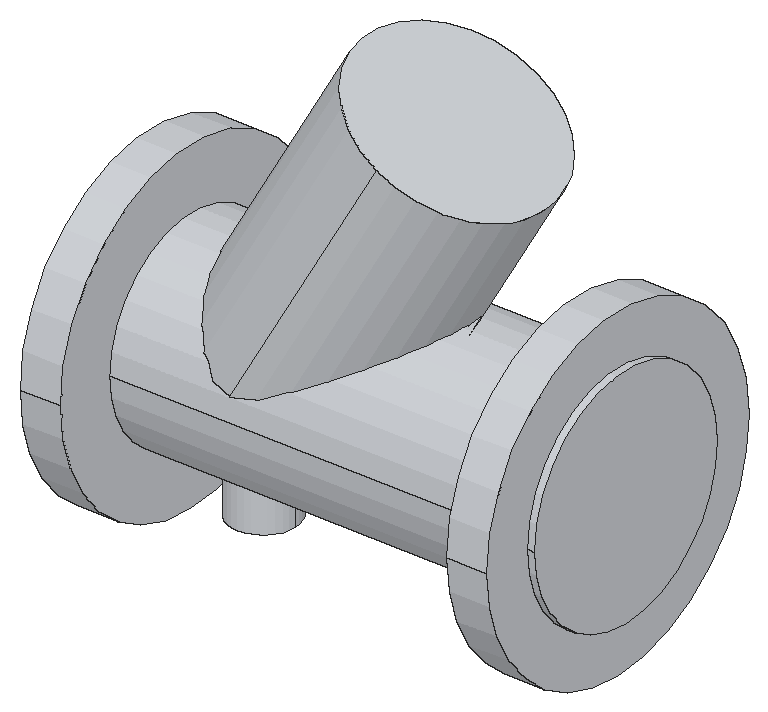
Revit family "HS 821-síto_standard-PN40-DN125-RFA_2018", category Pipe Accessories, Revit 2018
Family settings
  Round Connector Dimension = Use Diameter
  Part Type = Breaks Into
  Work Plane-Based = No
  Always vertical = Yes
  Cut with Voids When Loaded = No
  Shared = No
Parameters (values of type "821F-DN125-PN40-síto_standard")
  magiProductId = "cf073904c006406b8645afa67ea2fc"
  magiProductFamilyId = "79214ac3aaa945e397802f559f5c1e"
  magiPartTypeId = 307
  isMeasuringValve [instance] = no
  ang2D [instance] = 0.00°
  ZB__ve = -ZB  # -42.5 mm
  ZB1 = 76.14 mm
  ZB = 42.5 mm
  X2 = 131.888 mm
  X1 = 56 mm
  W2D = 15 mm
  VersionID = "2.0/2017.9.26.1/ZETKAMA_821_001"
  Use Minimum Symbol Size [instance] = yes
  URL = "www.hydronic.cz"
  Type Comments = "Filtr přírubový; síto standardní; A-PN16 (-10~300°C); D-PN25 (-10~350°C); F-PN40 (-10~400°C)"
  S = 188 mm
  QmdConnectorList = "301;D;302;D"
  Productdata [instance] = ""
  Manufacturer = "Hydronic Systems Prague s.r.o."
  MC Product Code = "240 691 (821F; DN125; PN40; kvs326,2; oko síta 1,6mm)"
  LM1 = 32 mm
  LM = 320 mm
  L4 = 100 mm
  L2D_Min = 3048 mm
  L2D = 130 mm
  L2 = 200 mm
  HH2 = 228.438 mm
  FD = 270 mm
  Description = "Filtr přírubový; síto standardní; 821A-PN16; 821D-PN25; 821F-PN40"
  DM1 = 165 mm
  DM = 169.2 mm
  D = 125 mm
  CC = 6.8 mm
  CAT0 = yes
  C1 = 33.2 mm
  C = 40 mm
  BD = 53.298 mm
Types (40, lengths in mm): name | magiProductId | ZB__ve | ZB1 | ZB | X2 | X1 | S | MC Product Code | LM1 | LM | L4 | L2 | HH2 | FD | DM1 | DM | D | CC | C1 | C | BD
  821A-DN015-PN16-síto_standard | "a71bcfe8b393460598b23e8ddf7dc5" | -16.25 | 18.63 | 16.25 | 46.982 | 18.2 | 46 | "200 115 (821A; DN015; PN16; kvs6,3; oko síta 1,00mm)" | 10.4 | 104 | 32.5 | 65 | 81.375 | 95 | 27.6 | 41.4 | 15 | 2.21 | 10.79 | 13 | 13.041
  821A-DN020-PN16-síto_standard | "41cd6c7a12924f4991217528336076" | -17.75 | 22.68 | 17.75 | 51.673 | 21 | 56 | "200 120 (821A; DN020; PN16; kvs11,2; oko síta 1,00mm)" | 12 | 120 | 37.5 | 75 | 89.5 | 105 | 33.6 | 50.4 | 20 | 2.55 | 12.45 | 15 | 15.876
  821A-DN025-PN16-síto_standard | "be378b463ed14c3abf4c9b3ae8cf3a" | -19.25 | 26.325 | 19.25 | 58.601 | 22.4 | 65 | "200 125 (821A; DN025; PN16; kvs14,7; oko síta 1,00mm)" | 12.8 | 128 | 40 | 80 | 101.5 | 115 | 43.2 | 58.5 | 25 | 2.72 | 13.28 | 16 | 18.427
  821A-DN032-PN16-síto_standard | "227a0d18b21540afabe8b6067d35fa" | -23 | 30.78 | 23 | 68.849 | 25.2 | 76 | "200 132 (821A; DN032; PN16; kvs23,7; oko síta 1,00mm)" | 14.4 | 144 | 45 | 90 | 119.25 | 140 | 50.4 | 68.4 | 32 | 3.06 | 14.94 | 18 | 21.546
  821A-DN040-PN16-síto_standard | "d106917c74724141a10440112d0102" | -24.5 | 34.02 | 24.5 | 75.777 | 28 | 84 | "200 140 (821A; DN040; PN16; kvs37,7; oko síta 1,00mm)" | 16 | 160 | 50 | 100 | 131.25 | 150 | 60 | 75.6 | 40 | 3.4 | 16.6 | 20 | 23.814
  821A-DN050-PN16-síto_standard | "8255d456a09e4f6486734f5dd9171b" | -26.75 | 40.095 | 26.75 | 79.061 | 32.2 | 99 | "200 150 (821A; DN050 PN16; kvs57,9; oko síta 1,00mm)" | 18.4 | 184 | 57.5 | 115 | 136.938 | 165 | 73.8 | 89.1 | 50 | 3.91 | 19.09 | 23 | 28.066
  821A-DN065-PN16-síto_standard | "235b1b3e4c0843779a4d5e3716d40a" | -29.75 | 47.79 | 29.75 | 86.927 | 40.6 | 118 | "200 165 (821A; DN065; PN16; kvs101,5; oko síta 1,25mm)" | 23.2 | 232 | 72.5 | 145 | 150.562 | 185 | 94.2 | 106.2 | 65 | 4.93 | 24.07 | 29 | 33.453
  821A-DN080-PN16-síto_standard | "a067f7c5236348ed8c820d16df7214" | -32 | 53.46 | 32 | 104.753 | 43.4 | 132 | "200 180 (821A; DN080; PN16; kvs147,4; oko síta 1,25mm)" | 24.8 | 248 | 77.5 | 155 | 181.438 | 200 | 107.4 | 118.8 | 80 | 5.27 | 25.73 | 31 | 37.422
  821A-DN100-PN16-síto_standard | "c49a648c2747461285837d643703cd" | -35 | 63.18 | 35 | 114.857 | 49 | 156 | "200 190 (821A; DN100; PN16; kvs209,6; oko síta 1,60mm)" | 28 | 280 | 87.5 | 175 | 198.937 | 220 | 131.4 | 140.4 | 100 | 5.95 | 29.05 | 35 | 44.226
  821A-DN125-PN16-síto_standard | "bf68e728a163493cbd2a663b26ebdc" | -39.5 | 74.52 | 39.5 | 131.888 | 56 | 184 | "200 191 (821A; DN125; PN16; kvs326,2; oko síta 1,60mm)" | 32 | 320 | 100 | 200 | 228.438 | 250 | 165 | 165.6 | 125 | 6.8 | 33.2 | 40 | 52.164
  821A-DN150-PN16-síto_standard | "2de770284b654863ae6bc865769dc5" | -44.75 | 85.455 | 44.75 | 155.885 | 67.2 | 211 | "200 192 (821A; DN150; PN16; kvs403; oko síta 1,60mm)" | 38.4 | 384 | 120 | 240 | 270 | 285 | 192 | 189.9 | 150 | 8.16 | 39.84 | 48 | 59.818
  821A-DN200-PN16-síto_standard | "8e5693371ab64aabb29a7f08c76e15" | -53 | 107.73 | 53 | 188.361 | 84 | 266 | "200 193 (821A; DN200; PN16; kvs707; oko síta 1,60mm)" | 48 | 480 | 150 | 300 | 326.25 | 340 | 252 | 239.4 | 200 | 10.2 | 49.8 | 60 | 75.411
  821A-DN250-PN16-síto_standard | "05e37ed948c34047acdd4c42556504" | -62.75 | 129.195 | 62.75 | 255.911 | 102.2 | 319 | "200 194 (821A; DN250; PN16; kvs1234; oko síta 1,60mm)" | 58.4 | 584 | 182.5 | 365 | 443.25 | 405 | 309.6 | 287.1 | 250 | 12.41 | 60.59 | 73 | 90.436
  821A-DN300-PN16-síto_standard | "9ad0af747269428da925480d83ce80" | -71 | 149.85 | 71 | 325.914 | 119 | 370 | "200 195 (821A; DN300; PN16; kvs1916; oko síta 1,60mm)" | 68 | 680 | 212.5 | 425 | 564.5 | 460 | 369.6 | 333 | 300 | 14.45 | 70.55 | 85 | 104.895
  821A-DN350-PN16-síto_standard | "eebc71459bb3451bb4355e7951370a" | -80 | 173.745 | 80 | 356.875 | 137.2 | 429 | "200 196 (821A; DN350; PN16; kvs2621; oko síta 1,60mm)" | 78.4 | 784 | 245 | 490 | 618.125 | 520 | 438 | 386.1 | 350 | 16.66 | 81.34 | 98 | 121.621
  821A-DN400-PN16-síto_standard | "d2f677cb196647e385b2590e7d8abe" | -89 | 194.4 | 89 | 392.237 | 154 | 480 | "200 197 (821A; DN400; PN16; kvs3460; oko síta 1,60mm)" | 88 | 880 | 275 | 550 | 679.375 | 580 | 498 | 432 | 400 | 18.7 | 91.3 | 110 | 136.08
  821D-DN015-PN25-síto_standard | "27ddcbf555414f8ca1fde329bf9087" | -16.25 | 18.63 | 16.25 | 46.982 | 18.2 | 46 | "200 215 (821D; DN015; PN25; kvs6,3; oko síta 1,00mm)" | 10.4 | 104 | 32.5 | 65 | 81.375 | 95 | 27.6 | 41.4 | 15 | 2.21 | 10.79 | 13 | 13.041
  821D-DN020-PN25-síto_standard | "270e0f14012f47189cd0235c18faee" | -17.75 | 22.68 | 17.75 | 51.673 | 21 | 56 | "200 220 (821D; DN020; PN25; kvs11,2; oko síta 1,00mm)" | 12 | 120 | 37.5 | 75 | 89.5 | 105 | 33.6 | 50.4 | 20 | 2.55 | 12.45 | 15 | 15.876
  821D-DN025-PN25-síto_standard | "b9a7fb4aa36643878c637d8e1ab992" | -19.25 | 26.325 | 19.25 | 58.601 | 22.4 | 65 | "200 225 (821D; DN025; PN25; kvs14,7; oko síta 1,00mm)" | 12.8 | 128 | 40 | 80 | 101.5 | 115 | 43.2 | 58.5 | 25 | 2.72 | 13.28 | 16 | 18.427
  821D-DN032-PN25-síto_standard | "6be9a55c4e68400f94eec7e804204c" | -23 | 30.78 | 23 | 68.849 | 25.2 | 76 | "200 232 (821D; DN032; PN25; kvs23,7; oko síta 1,00mm)" | 14.4 | 144 | 45 | 90 | 119.25 | 140 | 50.4 | 68.4 | 32 | 3.06 | 14.94 | 18 | 21.546
  821D-DN040-PN25-síto_standard | "c54511bd7f584ec2984291479612cb" | -24.5 | 34.02 | 24.5 | 75.777 | 28 | 84 | "200 240 (821D; DN040; PN25; kvs37,7; oko síta 1,00mm)" | 16 | 160 | 50 | 100 | 131.25 | 150 | 60 | 75.6 | 40 | 3.4 | 16.6 | 20 | 23.814
  821D-DN050-PN25-síto_standard | "5483b1f596b04cd39b23a14a22c90e" | -26.75 | 40.095 | 26.75 | 79.061 | 32.2 | 99 | "200 250 (821D; DN050; PN25; kvs57,9; oko síta 1,00mm)" | 18.4 | 184 | 57.5 | 115 | 136.938 | 165 | 73.8 | 89.1 | 50 | 3.91 | 19.09 | 23 | 28.066
  821D-DN065-PN25-síto_standard | "767b0f8318e94750bc7a9930ed5b30" | -29.75 | 47.79 | 29.75 | 86.927 | 40.6 | 118 | "200 265 (821D; DN065; PN25; kvs101,5; oko síta 1,25mm)" | 23.2 | 232 | 72.5 | 145 | 150.562 | 185 | 94.2 | 106.2 | 65 | 4.93 | 24.07 | 29 | 33.453
  821D-DN080-PN25-síto_standard | "e21040fa3cc2404b858198f6b73709" | -32 | 53.46 | 32 | 104.753 | 43.4 | 132 | "200 280 (821D; DN080; PN25; kvs147,4; oko síta 1,25mm)" | 24.8 | 248 | 77.5 | 155 | 181.438 | 200 | 107.4 | 118.8 | 80 | 5.27 | 25.73 | 31 | 37.422
  821D-DN100-PN25-síto_standard | "175ca87a506b40b3bc6b82f12f33cf" | -37.25 | 63.18 | 37.25 | 114.857 | 49 | 156 | "200 290 (821D; DN100; PN25; kvs209,6; oko síta 1,60mm)" | 28 | 280 | 87.5 | 175 | 198.937 | 235 | 131.4 | 140.4 | 100 | 5.95 | 29.05 | 35 | 44.226
  821D-DN125-PN25-síto_standard | "77cc98d60da24855999a22dff726b2" | -42.5 | 74.52 | 42.5 | 131.888 | 56 | 184 | "200 291 (821D; DN125; PN25; kvs326,2; oko síta 1,60mm)" | 32 | 320 | 100 | 200 | 228.438 | 270 | 165 | 165.6 | 125 | 6.8 | 33.2 | 40 | 52.164
  821D-DN150-PN25-síto_standard | "9cf8acfcd15547d68e83172d3abcbe" | -47 | 85.455 | 47 | 155.885 | 67.2 | 211 | "200 292 (821D; DN150; PN25; kvs403; oko síta 1,60mm)" | 38.4 | 384 | 120 | 240 | 270 | 300 | 192 | 189.9 | 150 | 8.16 | 39.84 | 48 | 59.818
  821D-DN200-PN25-síto_standard | "16973f3c9ea14389ba8602495a6b64" | -56 | 110.97 | 56 | 188.361 | 84 | 274 | "200 293 (821D; DN200; PN25; kvs707; oko síta 1,60mm)" | 48 | 480 | 150 | 300 | 326.25 | 360 | 252 | 246.6 | 200 | 10.2 | 49.8 | 60 | 77.679
  821F-DN015-PN40-síto_standard | "4c7eaf3c4c0340888b3e684d8a8616" | -16.25 | 18.225 | 16.25 | 46.982 | 18.2 | 45 | "240 615 (821F; DN015; PN40; kvs6,3; oko síta 1,00mm)" | 10.4 | 104 | 32.5 | 65 | 81.375 | 95 | 27.6 | 40.5 | 15 | 2.21 | 10.79 | 13 | 12.757
  821F-DN020-PN40-síto_standard | "aaac5f1ec96b44d6ba96ac2293d66d" | -17.75 | 23.49 | 17.75 | 51.673 | 21 | 58 | "240 620 (821F; DN020; PN40; kvs11,2; oko síta 1,00mm)" | 12 | 120 | 37.5 | 75 | 89.5 | 105 | 33.6 | 52.2 | 20 | 2.55 | 12.45 | 15 | 16.443
  821F-DN025-PN40-síto_standard | "504768023968471481789485b54c7e" | -19.25 | 27.54 | 19.25 | 58.601 | 22.4 | 68 | "240 625 (821F; DN025; PN40; kvs14,7; oko síta 1,00mm)" | 12.8 | 128 | 40 | 80 | 101.5 | 115 | 43.2 | 61.2 | 25 | 2.72 | 13.28 | 16 | 19.278
  821F-DN032-PN40-síto_standard | "165e7f39cf744f329bdf1c400dad12" | -23 | 31.59 | 23 | 68.849 | 25.2 | 78 | "240 632 (821F; DN032; PN40; kvs23,7; oko síta 1,00mm)" | 14.4 | 144 | 45 | 90 | 119.25 | 140 | 50.4 | 70.2 | 32 | 3.06 | 14.94 | 18 | 22.113
  821F-DN040-PN40-síto_standard | "b8903f952089408fbf3a5a632bab1f" | -24.5 | 35.64 | 24.5 | 75.777 | 28 | 88 | "240 640 (821F; DN040; PN40; kvs37,7; oko síta 1,00mm)" | 16 | 160 | 50 | 100 | 131.25 | 150 | 60 | 79.2 | 40 | 3.4 | 16.6 | 20 | 24.948
  821F-DN050-PN40-síto_standard | "c451f97266fe48da8f879cb6a2bd44" | -26.75 | 41.31 | 26.75 | 79.061 | 32.2 | 102 | "240 650 (821F; DN050; PN40; kvs57,9; oko síta 1,00mm)" | 18.4 | 184 | 57.5 | 115 | 136.938 | 165 | 73.8 | 91.8 | 50 | 3.91 | 19.09 | 23 | 28.917
  821F-DN065-PN40-síto_standard | "dc9821e3f9b34e128f6a8c6b34c198" | -29.75 | 49.41 | 29.75 | 86.927 | 40.6 | 122 | "240 665 (821F; DN065; PN40; kvs101,5; oko síta 1,25mm)" | 23.2 | 232 | 72.5 | 145 | 150.562 | 185 | 94.2 | 109.8 | 65 | 4.93 | 24.07 | 29 | 34.587
  821F-DN080-PN40-síto_standard | "689aa1e260f84cf4994f027a1d86b5" | -32 | 55.89 | 32 | 104.753 | 43.4 | 138 | "240 680 (821F; DN080; PN40; kvs147,4; oko síta 1,25mm)" | 24.8 | 248 | 77.5 | 155 | 181.438 | 200 | 107.4 | 124.2 | 80 | 5.27 | 25.73 | 31 | 39.123
  821F-DN100-PN40-síto_standard | "8a45d4e8e2ab425f8c432f21d684f3" | -37.25 | 65.61 | 37.25 | 114.857 | 49 | 162 | "240 690 (821F; DN100; PN40; kvs209,6; oko síta 1,6mm)" | 28 | 280 | 87.5 | 175 | 198.937 | 235 | 131.4 | 145.8 | 100 | 5.95 | 29.05 | 35 | 45.927
  821F-DN125-PN40-síto_standard | "cf073904c006406b8645afa67ea2fc" | -42.5 | 76.14 | 42.5 | 131.888 | 56 | 188 | "240 691 (821F; DN125; PN40; kvs326,2; oko síta 1,6mm)" | 32 | 320 | 100 | 200 | 228.438 | 270 | 165 | 169.2 | 125 | 6.8 | 33.2 | 40 | 53.298
  821F-DN150-PN40-síto_standard | "0153b9ddabe14992a630484929fdbc" | -47 | 88.29 | 47 | 155.885 | 67.2 | 218 | "240 692 (821F; DN150; PN40; kvs403; oko síta 1,6mm)" | 38.4 | 384 | 120 | 240 | 270 | 300 | 192 | 196.2 | 150 | 8.16 | 39.84 | 48 | 61.803
  821F-DN200-PN40-síto_standard | "7fb3fc01dd8d42428c203e3f8dd4d5" | -56 | 115.425 | 56 | 188.361 | 84 | 285 | "240 693 (821F; DN200; PN40; kvs707; oko síta 1,6mm)" | 48 | 480 | 150 | 300 | 326.25 | 360 | 252 | 256.5 | 200 | 10.2 | 49.8 | 60 | 80.797
Reference planes
  plane 1 "Center (Front/Back)": y = 0
  plane 2 "XYPLANE": z = 0
  plane 3 "Center (Left/Right)": x = 0
  plane 4 "109": x = -128
  plane 5 "108": x = 160
  plane 6 "107": x = -160
  plane 7 "105": x = 200
  plane 8 "104": x = -200
  plane 9 "103": y = 0
  plane 10 "102": z = 0
  plane 11 "101": x = -193.2
  plane 12 "100": x = 193.2
  plane 13 "11": x = -72
  plane 14 "10": z = 228.438
  plane 15 "9": x = 59.888
  plane 16 "5": z = -76.14
  plane 17 "4": x = -100
  plane 18 "1": x = 100
Forms (mm)
  Extrusion 1, solid, visible <- "CAT0"
    sketch origin (-160, -750, 0) x (0, 1, 0) y (0, 0, 1)
      loop
        circle (750, 0) r 84.6
    from 0 to 320 <- "LM"
  Extrusion 2, solid
    sketch origin (-200, -750, 0) x (0, 1, 0) y (0, 0, 1)
      loop
        circle (750, 0) r 94
    from 0 to 6.8 <- "CC"
  Extrusion 3, solid
    sketch origin (-193.2, -750, 0) x (0, 1, 0) y (0, 0, 1)
      loop
        circle (750, 0) r 135
    from 0 to 33.2 <- "C1"
  Extrusion 4, solid
    sketch origin (160, -750, 0) x (0, 1, 0) y (0, 0, 1)
      loop
        circle (750, 0) r 135
    from 0 to 33.2 <- "C1"
  Extrusion 5, solid
    sketch origin (193.2, -750, 0) x (0, 1, 0) y (0, 0, 1)
      loop
        circle (750, 0) r 94
    from 0 to 6.8 <- "CC"
  Sweep 6, solid, visible <- "CAT0"
    path origin (750, 0, 0) x (-1, 0, 0) y (0, 0, 1)
      loop
        line (910, 0) -> (822, 0) -> (690.112, 228.438)
    profile origin (-160, 0, 0) x (0, 0, -1) y (0, 1, 0)
      loop
        circle (0, 0) r 82.5
  Extrusion 7, solid, visible <- "CAT0"
    sketch origin (-750, 0, -76.14) x (1, 0, 0) y (0, 1, 0)
      loop
        circle (650, 0) r 26.649
    from 0 to -42.5 <- "ZB__ve"
  Extrusion 8, solid, visible <- "CAT0"
    sketch origin (-750, 0, -76.14) x (1, 0, 0) y (0, 1, 0)
      loop
        circle (850, 0) r 26.649
    from 0 to -42.5 <- "ZB__ve"
  Extrusion 9, solid, not visible
    sketch origin (200, -750, 0) x (0, 1, 0) y (0, 0, 1)
      loop
        circle (750, 0) r 10
    from 0 to -10
  Extrusion 10, solid, not visible
    sketch origin (-200, -750, 0) x (0, 1, 0) y (0, 0, 1)
      loop
        circle (750, 0) r 10
    from 0 to 10
Lines and regions (mm)
  reference lines, not visible
    curve 1: circle (2, 2, 0) r 1 normal (0, 0, 1)
Dimensions and locks
  plane 1 "Center (Front/Back)" to curve 1 = 2 mm
  "LM1": plane 6 "107" to plane 4 "109"
  "LM": plane 6 "107" to plane 5 "108"
  "C": plane 8 "104" to plane 6 "107"
  "L2": plane 3 "Center (Left/Right)" to plane 7 "105"
  "L2": plane 3 "Center (Left/Right)" to plane 8 "104"
  locked: plane 1 "Center (Front/Back)" to plane 9 "103"
  locked: plane 2 "XYPLANE" to plane 10 "102"
  "CC": plane 8 "104" to plane 11 "101"
  "C1": plane 5 "108" to plane 12 "100"
  "X1": plane 4 "109" to plane 13 "11"
  "HH2": plane 2 "XYPLANE" to plane 14 "10"
  "X2": plane 13 "11" to plane 15 "9"
  "ZB1": plane 2 "XYPLANE" to plane 16 "5"
  "L4": plane 8 "104" to plane 17 "4"
  "L2": plane 17 "4" to plane 18 "1"
  Sweep 6 sketch curve to Sweep 6 sketch curve = 0 mm  (x2)
  "DM": diameter of Extrusion 1 sketch curve
  "S": diameter of Extrusion 2 sketch curve
  "FD": diameter of Extrusion 3 sketch curve
  "FD": diameter of Extrusion 4 sketch curve
  "S": diameter of Extrusion 5 sketch curve
  "DM1": diameter of Sweep 6 sketch curve
  "BD": diameter of Extrusion 7 sketch curve
  "BD": diameter of Extrusion 8 sketch curve
  aligned and locked: level to plane 2 "XYPLANE"
  aligned and locked: Extrusion 1 sketch curve to plane 9 "103"
  aligned and locked: plane 10 "102" to Extrusion 1 sketch curve
  aligned and locked: Extrusion 2 sketch curve to plane 9 "103"
  aligned and locked: plane 10 "102" to Extrusion 2 sketch curve
  aligned and locked: Extrusion 3 sketch curve to plane 9 "103"
  aligned and locked: plane 10 "102" to Extrusion 3 sketch curve
  aligned and locked: Extrusion 4 sketch curve to plane 9 "103"
  aligned and locked: plane 10 "102" to Extrusion 4 sketch curve
  aligned and locked: Extrusion 5 sketch curve to plane 9 "103"
  aligned and locked: plane 10 "102" to Extrusion 5 sketch curve
  aligned and locked: Sweep 6 sketch curve to plane 9 "103"
  aligned and locked: plane 10 "102" to Sweep 6 sketch curve  (x3)
  aligned and locked: plane 6 "107" to Sweep 6 sketch curve
  aligned and locked: plane 13 "11" to Sweep 6 sketch curve
  aligned and locked: plane 14 "10" to Sweep 6 sketch curve
  aligned and locked: plane 15 "9" to Sweep 6 sketch curve
  aligned and locked: plane 9 "103" to Extrusion 7 sketch curve
  aligned and locked: plane 17 "4" to Extrusion 7 sketch curve
  aligned and locked: plane 9 "103" to Extrusion 8 sketch curve
  aligned and locked: plane 18 "1" to Extrusion 8 sketch curve
  aligned and locked: Extrusion 9 sketch curve to plane 9 "103"
  aligned and locked: plane 10 "102" to Extrusion 9 sketch curve
  aligned and locked: Extrusion 10 sketch curve to plane 9 "103"
  aligned and locked: plane 10 "102" to Extrusion 10 sketch curve
Automatic sketch dimensions
  plane 1 "Center (Front/Back)" to Extrusion 9 sketch curve = 10 mm
  plane 1 "Center (Front/Back)" to Extrusion 10 sketch curve = 10 mm
  plane 3 "Center (Left/Right)" to curve 1 = 2 mm
  radius of curve 1 = 1 mm
Connectors
  piping at (-200, 0, 0), diameter 125, driven by "D"
    settings: on Extrusion 10, index 1, connector inside diameter 609.6 mm, connector length 0 mm, flow factor 0, pipe flow 0.0 L/s, pressure drop 0.0 Pa, fitting loss kfactor 0, connector angle 0.00°, fixture units 0, engagement length 0 mm, angle of deflection 0.00°, flow configuration 0, flow direction 0, fitting loss method 0, system type 29, joint type 0, gender type 0, connector reference index 2, connector utility 0, adjustable connector no, is connector primary yes, connector description ""
  piping at (200, 0, 0), diameter 125, driven by "D"
    settings: on Extrusion 9, index 2, connector inside diameter 609.6 mm, connector length 0 mm, flow factor 0, pipe flow 0.0 L/s, pressure drop 0.0 Pa, fitting loss kfactor 0, connector angle 0.00°, fixture units 0, engagement length 0 mm, angle of deflection 0.00°, flow configuration 0, flow direction 0, fitting loss method 0, system type 29, joint type 0, gender type 0, connector reference index 1, connector utility 0, adjustable connector no, is connector primary no, connector description ""
